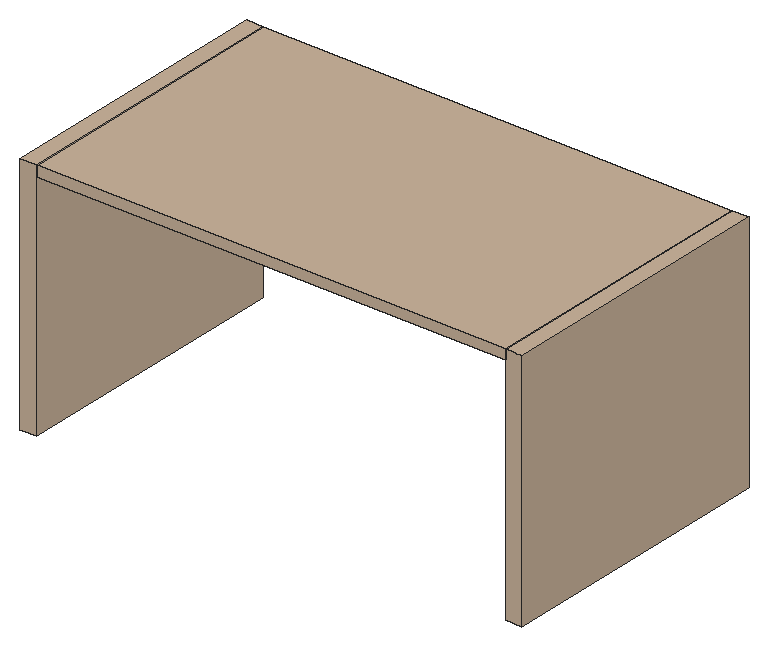
Revit family
Reference planes
  plane 1 "Center (Front/Back)": y = 0
  plane 2: z = 0
  plane 3 "Center (Left/Right)": x = 0
Forms (mm)
  Extrusion 1, solid, material "drevo svetle"
    sketch origin (0, 0, 0) x (1, 0, 0) y (0, 1, 0)
      loop
        line (50, 0) -> (1460, 0) -> (1460, 850) -> (50, 850) -> (50, 0)
    from 700 to 730
  Extrusion 2, solid, material "drevo svetle"
    sketch origin (0, 0, 0) x (1, 0, 0) y (0, 1, 0)
      loop
        line (0, 0) -> (50, 0) -> (50, 850) -> (0, 850) -> (0, 0)
      loop
        line (1460, 0) -> (1510, 0) -> (1510, 850) -> (1460, 850) -> (1460, 0)
    from 0 to 730
Dimensions and locks
  aligned: Extrusion 1 to Extrusion 2  (x2)
